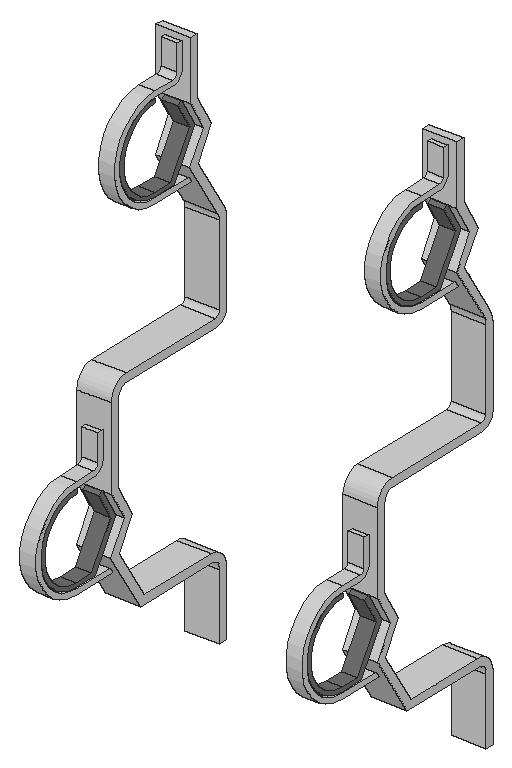
Revit family "VTc.130.N", category Оборудование, Revit 2019
Family settings
  Размер круглого соединителя = Использовать диаметр
  Классификация = Нет
  Тип детали = Нормальный
  На основе рабочей плоскости = Да
  Всегда вертикально = Да
  При загрузке вырезать с полостями = Нет
  Общий = Нет
  Точка расчета площади = Нет
Parameters
  Default Elevation = 1219.2 mm
  Материал_резина [instance] = Резина
  Изготовитель = "VALTEC"
  Группа модели = "Комплектующие для коллекторов"
  ms [instance] = if(and(Du = 20 mm), 197 mm, if(and(Du = 25 mm), 201 mm, 0 mm))  # 197 mm
  h3 [instance] = if(and(Du = 20 mm), 29 mm, if(and(Du = 25 mm), 34 mm, 0 mm))  # 29 mm
  h2 [instance] = if(and(Du = 20 mm), 0 mm, if(and(Du = 25 mm), 5 mm, 0 mm))  # 0 mm
  h1 [instance] = if(and(Du = 20 mm), 66 mm, if(and(Du = 25 mm), 71 mm, 0 mm))  # 66 mm
  URL = "https://valtec.ru/"
  L [instance] = 100 mm
  Du [instance] = 20 mm
  ADSK_Позиция [instance] = ""
  ADSK_Обозначение [instance] = "VTc.130.N"  # constant formula
  ADSK_Наименование [instance] = "Кронштейны для крепления пары коллекторов"  # constant formula
  ADSK_Материал [instance] = Нержавеющая сталь
  ADSK_Масса [instance] = ms / 1000 mm  # 0.197
  ADSK_Код изделия [instance] = if(and(Du = 20 mm), "VTc.130.N.0500", if(and(Du = 25 mm), "VTc.130.N.0600", "ошибка"))  # "VTc.130.N.0500"
  ADSK_Завод-изготовитель [instance] = Изготовитель  # "VALTEC"
  ADSK_Единица измерения [instance] = "шт."  # constant formula
  ADSK_URL страницы изделия [instance] = "https://valtec.ru/catalog/kollektornye_sistemy/komplektuyuschie_dlya_kollektorov/kronshtejny_dlya_kollektorov_vtc130n.html"
  ADSK_URL документации изделия [instance] = "https://valtec.ru/document/technical/VTc.130-0916.pdf"
Reference planes
  plane 1 "По центру (Вперед/Назад)": y = 0
  plane 2: z = 0
  plane 3 "По центру (Влево/Вправо)": x = 0
  plane 4: x = -43.5
  plane 5: x = -56.5
  plane 6: x = 43.5
  plane 7: x = 56.5
  plane 8: x = -50
  plane 9: x = 50
  plane 10: x = -53
  plane 11: x = -47
  plane 12: x = 47
  plane 13: x = 53
Forms (mm)
  Extrusion 1, solid, material "Нержавеющая сталь" <- "ADSK_Материал"
    sketch origin (0, 0, 0) x (0, 1, 0) y (0, 0, 1)
      loop
        line (-13.614, 105) -> (-16.614, 105) -> (-16.614, 82.655) -> (-10.577, 72.198) -> (-16.891, 61.262) -> (-3.734, 40.207)
        arc (-3.734, 40.207) -> (-3.187, 38.978) -> (-3, 37.647) r 4.831
        line (-3, 37.647) -> (-3, 7.401)
        arc (-3, 7.401) -> (-3.586, 5.987) -> (-5, 5.401) r 2
        line (-5, 5.401) -> (-46.808, 5.401)
        arc (-46.808, 5.401) -> (-51.758, 3.351) -> (-53.808, -1.599) r 7
        line (-53.808, -1.599) -> (-53.808, -32.397) -> (-47.695, -42.985) -> (-54, -53.905) -> (-40.193, -76) -> (-7, -76)
        arc (-7, -76) -> (-4.172, -77.172) -> (-3, -80) r 4
        line (-3, -80) -> (-3, -105) -> (0, -105) -> (0, -80)
        arc (0, -80) -> (-2.05, -75.05) -> (-7, -73) r 7
        line (-7, -73) -> (-38.531, -73) -> (-50.501, -53.844) -> (-44.231, -42.985) -> (-50.808, -31.593) -> (-50.808, -1.599)
        arc (-50.808, -1.599) -> (-49.636, 1.229) -> (-46.808, 2.401) r 4
        line (-46.808, 2.401) -> (-5, 2.401)
        arc (-5, 2.401) -> (-1.464, 3.865) -> (0, 7.401) r 5
        line (0, 7.401) -> (0, 37.027)
        arc (0, 37.027) -> (-0.383, 39.767) -> (-1.503, 42.298) r 9.992
        line (-1.503, 42.298) -> (-13.315, 61.2) -> (-7.039, 72.07) -> (-13.614, 83.458) -> (-13.614, 105)
    from -56.5 to -43.5
  Extrusion 2, solid, material "Нержавеющая сталь" <- "ADSK_Материал"
    sketch origin (0, 0, 0) x (0, 1, 0) y (0, 0, 1)
      loop
        line (-43.046, -62) -> (-44.295, -60) -> (-66, -60)
        arc (-66, -60) -> (-83, -43) -> (-66, -26) r 17
        line (-66, -26) -> (-57.808, -26)
        arc (-57.808, -26) -> (-54.979, -24.828) -> (-53.808, -22) r 4
        line (-53.808, -22) -> (-53.808, -12) -> (-55.808, -12) -> (-55.808, -22)
        arc (-55.808, -22) -> (-56.394, -23.414) -> (-57.808, -24) r 2
        line (-57.808, -24) -> (-66, -24)
        arc (-66, -24) -> (-85, -43) -> (-66, -62) r 19
        line (-66, -62) -> (-43.046, -62)
      loop
        arc (-29, 91.198) -> (-48, 72.198) -> (-29, 53.198) r 19
        line (-29, 53.198) -> (-5.956, 53.198) -> (-7.206, 55.198) -> (-29, 55.198)
        arc (-29, 55.198) -> (-46, 72.198) -> (-29, 89.198) r 17
        line (-29, 89.198) -> (-20.614, 89.198)
        arc (-20.614, 89.198) -> (-17.786, 90.369) -> (-16.614, 93.198) r 4
        line (-16.614, 93.198) -> (-16.614, 102.841) -> (-18.614, 102.841) -> (-18.614, 93.198)
        arc (-18.614, 93.198) -> (-19.2, 91.784) -> (-20.614, 91.198) r 2
        line (-20.614, 91.198) -> (-29, 91.198)
    from -53 to -47
  Extrusion 3, solid, material "Резина" <- "Материал_резина"
    sketch origin (0, 0, 0) x (0, 1, 0) y (0, 0, 1)
      loop
        line (-16.614, 82.655) -> (-18.346, 81.655) -> (-12.887, 72.198) -> (-21.546, 57.2) -> (-29, 57.2)
        arc (-29, 57.2) -> (-44, 72.2) -> (-29, 87.2) r 15
        line (-29, 87.2) -> (-29, 88.7)
        arc (-29, 88.7) -> (-45.5, 72.2) -> (-29, 55.7) r 16.5
        line (-29, 55.7) -> (-20.102, 55.7) -> (-10.577, 72.198) -> (-16.614, 82.655)
      loop
        line (-53.808, -32.397) -> (-55.54, -33.397) -> (-50.005, -42.985) -> (-58.674, -58) -> (-66, -58)
        arc (-66, -58) -> (-81, -43) -> (-66, -28) r 15
        line (-66, -28) -> (-66, -26.5)
        arc (-66, -26.5) -> (-82.5, -43) -> (-66, -59.5) r 16.5
        line (-66, -59.5) -> (-57.23, -59.5) -> (-47.695, -42.985) -> (-53.808, -32.397)
    from -53 to -47
  Extrusion 4, solid, material "Нержавеющая сталь" <- "ADSK_Материал"
    sketch origin (118.5, 0, 0) x (0, 1, 0) y (0, 0, 1)
      loop
        line (-13.614, 105) -> (-16.614, 105) -> (-16.614, 82.655) -> (-10.577, 72.198) -> (-16.891, 61.262) -> (-3.734, 40.207)
        arc (-3.734, 40.207) -> (-3.187, 38.978) -> (-3, 37.647) r 4.831
        line (-3, 37.647) -> (-3, 7.401)
        arc (-3, 7.401) -> (-3.586, 5.987) -> (-5, 5.401) r 2
        line (-5, 5.401) -> (-46.808, 5.401)
        arc (-46.808, 5.401) -> (-51.758, 3.351) -> (-53.808, -1.599) r 7
        line (-53.808, -1.599) -> (-53.808, -32.397) -> (-47.695, -42.985) -> (-54, -53.905) -> (-40.193, -76) -> (-7, -76)
        arc (-7, -76) -> (-4.172, -77.172) -> (-3, -80) r 4
        line (-3, -80) -> (-3, -105) -> (0, -105) -> (0, -80)
        arc (0, -80) -> (-2.05, -75.05) -> (-7, -73) r 7
        line (-7, -73) -> (-38.531, -73) -> (-50.501, -53.844) -> (-44.231, -42.985) -> (-50.808, -31.593) -> (-50.808, -1.599)
        arc (-50.808, -1.599) -> (-49.636, 1.229) -> (-46.808, 2.401) r 4
        line (-46.808, 2.401) -> (-5, 2.401)
        arc (-5, 2.401) -> (-1.464, 3.865) -> (0, 7.401) r 5
        line (0, 7.401) -> (0, 37.027)
        arc (0, 37.027) -> (-0.383, 39.767) -> (-1.503, 42.298) r 9.992
        line (-1.503, 42.298) -> (-13.315, 61.2) -> (-7.039, 72.07) -> (-13.614, 83.458) -> (-13.614, 105)
    from -75 to -62
  Extrusion 5, solid, material "Резина" <- "Материал_резина"
    sketch origin (100, 0, 0) x (0, 1, 0) y (0, 0, 1)
      loop
        line (-16.614, 82.655) -> (-18.346, 81.655) -> (-12.887, 72.198) -> (-21.546, 57.2) -> (-29, 57.2)
        arc (-29, 57.2) -> (-44, 72.2) -> (-29, 87.2) r 15
        line (-29, 87.2) -> (-29, 88.7)
        arc (-29, 88.7) -> (-45.5, 72.2) -> (-29, 55.7) r 16.5
        line (-29, 55.7) -> (-20.102, 55.7) -> (-10.577, 72.198) -> (-16.614, 82.655)
      loop
        line (-53.808, -32.397) -> (-55.54, -33.397) -> (-50.005, -42.985) -> (-58.674, -58) -> (-66, -58)
        arc (-66, -58) -> (-81, -43) -> (-66, -28) r 15
        line (-66, -28) -> (-66, -26.5)
        arc (-66, -26.5) -> (-82.5, -43) -> (-66, -59.5) r 16.5
        line (-66, -59.5) -> (-57.23, -59.5) -> (-47.695, -42.985) -> (-53.808, -32.397)
    from -53 to -47
  Extrusion 6, solid, material "Нержавеющая сталь" <- "ADSK_Материал"
    sketch origin (115, 0, 0) x (0, 1, 0) y (0, 0, 1)
      loop
        line (-43.046, -62) -> (-44.295, -60) -> (-66, -60)
        arc (-66, -60) -> (-83, -43) -> (-66, -26) r 17
        line (-66, -26) -> (-57.808, -26)
        arc (-57.808, -26) -> (-54.979, -24.828) -> (-53.808, -22) r 4
        line (-53.808, -22) -> (-53.808, -12) -> (-55.808, -12) -> (-55.808, -22.518)
        arc (-55.808, -22.518) -> (-56.242, -23.566) -> (-57.29, -24) r 1.482
        line (-57.29, -24) -> (-66, -24)
        arc (-66, -24) -> (-85, -43) -> (-66, -62) r 19
        line (-66, -62) -> (-43.046, -62)
      loop
        arc (-29, 91.198) -> (-48, 72.198) -> (-29, 53.198) r 19
        line (-29, 53.198) -> (-5.956, 53.198) -> (-7.206, 55.198) -> (-29, 55.198)
        arc (-29, 55.198) -> (-46, 72.198) -> (-29, 89.198) r 17
        line (-29, 89.198) -> (-20.614, 89.198)
        arc (-20.614, 89.198) -> (-17.786, 90.369) -> (-16.614, 93.198) r 4
        line (-16.614, 93.198) -> (-16.614, 102.841) -> (-18.614, 102.841) -> (-18.614, 92.797)
        arc (-18.614, 92.797) -> (-19.083, 91.666) -> (-20.213, 91.198) r 1.599
        line (-20.213, 91.198) -> (-29, 91.198)
    from -68 to -62
Dimensions and locks
  equal spacing: Extrusion 1 sketch curve, level, Extrusion 1 sketch curve, locked at 105 each
  locked: Extrusion 1 sketch curve to Extrusion 1 sketch curve at 210
  locked: Extrusion 1 sketch curve to Extrusion 1 sketch curve at 3  (x10)
  locked: plane 1 "По центру (Вперед/Назад)" to Extrusion 1 sketch curve at 3
  locked: Extrusion 1 sketch curve to Extrusion 1 sketch curve at 32
  locked: Extrusion 1 sketch curve to Extrusion 1 sketch curve at 62.015
  Extrusion 1 sketch curve to Extrusion 1 sketch curve = 45.385 mm
  locked: Extrusion 1 sketch curve to Extrusion 1 sketch curve at 3.128
  equal spacing: Extrusion 1 sketch curve, level, Extrusion 1 sketch curve
  locked: Extrusion 1 sketch curve to Extrusion 1 sketch curve at 21.542
  Extrusion 1 sketch curve to Extrusion 1 sketch curve = 32.93 mm
  locked: plane 1 "По центру (Вперед/Назад)" to Extrusion 1 sketch curve at 13.614
  locked: Extrusion 1 sketch curve to Extrusion 1 sketch curve at 39.897
  locked: plane 1 "По центру (Вперед/Назад)" to Extrusion 1 sketch curve at 53.808
  locked: Extrusion 1 sketch curve to Extrusion 1 sketch curve at 38.531
  locked: plane 4 to plane 5 at 13
  locked: plane 7 to plane 6 at 13
  equal spacing: plane 4, plane 8, plane 5, locked at 6.5 each
  equal spacing: plane 7, plane 9, plane 6, locked at 6.5 each
  equal spacing: plane 9, plane 3 "По центру (Влево/Вправо)", plane 8
  "L": plane 8 to plane 9
  locked: level to Extrusion 2 sketch curve at 43
  locked: Extrusion 2 sketch curve to Extrusion 2 sketch curve at 38
  "h1": plane 1 "По центру (Вперед/Назад)" to Extrusion 2 sketch curve
  locked: Extrusion 2 sketch curve to Extrusion 2 sketch curve at 2  (x5)
  Extrusion 2 sketch curve to Extrusion 2 sketch curve = 2 mm
  locked: Extrusion 2 sketch curve to Extrusion 1 at 2
  "h2": Extrusion 1 to Extrusion 2 sketch curve  (x2)
  locked: Extrusion 2 sketch curve to Extrusion 2 sketch curve at 14
  locked: Extrusion 2 sketch curve to level at 72.198
  "h3": plane 1 "По центру (Вперед/Назад)" to Extrusion 2 sketch curve
  locked: Extrusion 1 to Extrusion 2 sketch curve at 2
  "h3": plane 1 "По центру (Вперед/Назад)" to Extrusion 3 sketch curve
  locked: Extrusion 3 sketch curve to level at 72.2
  Extrusion 1 to Extrusion 3 sketch curve = 2 mm  (x2)
  Extrusion 3 sketch curve to Extrusion 1 = 2 mm  (x2)
  Extrusion 3 sketch curve to Extrusion 3 sketch curve = 1.5 mm
  locked: level to Extrusion 3 sketch curve at 43
  "h1": plane 1 "По центру (Вперед/Назад)" to Extrusion 3 sketch curve
  equal spacing: plane 11, plane 8, plane 10
  locked: plane 11 to plane 10 at 6
  Extrusion 4 sketch curve to Extrusion 4 sketch curve = 210 mm
  locked: Extrusion 4 sketch curve to Extrusion 4 sketch curve at 210
  locked: Extrusion 4 sketch curve to Extrusion 4 sketch curve at 3  (x10)
  locked: Extrusion 4 sketch curve to Extrusion 4 sketch curve at 32
  locked: Extrusion 4 sketch curve to Extrusion 4 sketch curve at 62.015
  Extrusion 4 sketch curve to Extrusion 4 sketch curve = 45.385 mm
  locked: Extrusion 4 sketch curve to Extrusion 4 sketch curve at 3.128
  Extrusion 4 sketch curve to Extrusion 4 sketch curve = 115.054 mm
  locked: Extrusion 4 sketch curve to Extrusion 4 sketch curve at 21.542
  Extrusion 4 sketch curve to Extrusion 4 sketch curve = 32.93 mm
  locked: Extrusion 4 sketch curve to Extrusion 4 sketch curve at 39.897
  locked: Extrusion 4 sketch curve to Extrusion 4 sketch curve at 38.531
  Extrusion 5 sketch curve to Extrusion 5 sketch curve = 1.5 mm
  equal spacing: plane 13, plane 9, plane 12
  locked: plane 13 to plane 12 at 6
  locked: Extrusion 6 sketch curve to Extrusion 6 sketch curve at 38
  locked: Extrusion 6 sketch curve to Extrusion 6 sketch curve at 2  (x6)
  locked: Extrusion 6 sketch curve to Extrusion 6 sketch curve at 14
  "h3": plane 1 "По центру (Вперед/Назад)" to Extrusion 6 sketch curve
  "h1": plane 1 "По центру (Вперед/Назад)" to Extrusion 6 sketch curve
  locked: level to Extrusion 6 sketch curve at 43
  locked: Extrusion 6 sketch curve to level at 72.198
  Extrusion 2 to Extrusion 6 sketch curve = 13.643 mm
  Extrusion 2 sketch curve to Extrusion 2 sketch curve = 13.643 mm
  "h2": Extrusion 4 to Extrusion 6 sketch curve
  "h2": Extrusion 2 to Extrusion 6 sketch curve
  locked: Extrusion 5 sketch curve to level at 72.2
  locked: level to Extrusion 5 sketch curve at 43
  "h3": plane 1 "По центру (Вперед/Назад)" to Extrusion 5 sketch curve
  "h1": plane 1 "По центру (Вперед/Назад)" to Extrusion 5 sketch curve
  Extrusion 1 to Extrusion 5 sketch curve = 2 mm  (x2)
  locked: Extrusion 5 sketch curve to Extrusion 1 at 2
  Extrusion 5 sketch curve to Extrusion 3 = 2 mm
  radius of Extrusion 1 sketch curve = 5 mm
  radius of Extrusion 1 sketch curve = 2 mm
  diameter of Extrusion 2 sketch curve = 38 mm  (x2)
  diameter of Extrusion 2 sketch curve = 34 mm  (x2)
  diameter of Extrusion 3 sketch curve = 33 mm  (x2)
  diameter of Extrusion 3 sketch curve = 30 mm  (x2)
  radius of Extrusion 2 sketch curve = 4 mm  (x2)
  radius of Extrusion 2 sketch curve = 2 mm  (x2)
  radius of Extrusion 4 sketch curve = 5 mm
  radius of Extrusion 4 sketch curve = 2 mm
  diameter of Extrusion 5 sketch curve = 33 mm  (x2)
  diameter of Extrusion 5 sketch curve = 30 mm  (x2)
  diameter of Extrusion 6 sketch curve = 38 mm  (x2)
  diameter of Extrusion 6 sketch curve = 34 mm  (x2)
  radius of Extrusion 6 sketch curve = 4 mm  (x2)
  radius of Extrusion 6 sketch curve = 1.599 mm
  radius of Extrusion 6 sketch curve = 1.482 mm
  locked: Extrusion 1 sketch curve to Extrusion 1 sketch curve (angle 120.00°)  (x2)
  locked: Extrusion 1 sketch curve to Extrusion 1 sketch curve (angle 62.00°)  (x2)
  locked: Extrusion 1 sketch curve to Extrusion 1 sketch curve (angle 150.00°)
  angle Extrusion 1 sketch curve to Extrusion 1 sketch curve = 32.00°
  locked: Extrusion 4 sketch curve to Extrusion 4 sketch curve (angle 120.00°)  (x2)
  locked: Extrusion 4 sketch curve to Extrusion 4 sketch curve (angle 62.00°)  (x2)
  locked: Extrusion 4 sketch curve to Extrusion 4 sketch curve (angle 150.00°)
  angle Extrusion 4 sketch curve to Extrusion 4 sketch curve = 32.00°
  aligned and locked: level to plane 2
  aligned and locked: Extrusion 1 sketch curve to plane 1 "По центру (Вперед/Назад)"  (x2)
  aligned and locked: Extrusion 1 to plane 5
  aligned and locked: plane 4 to Extrusion 1
  aligned and locked: Extrusion 3 sketch curve to Extrusion 1  (x4)
  aligned and locked: Extrusion 3 sketch curve to Extrusion 3 sketch curve  (x2)
  aligned and locked: Extrusion 2 to plane 11
  aligned and locked: Extrusion 2 to plane 10
  aligned and locked: Extrusion 2 to Extrusion 3  (x2)
  aligned and locked: Extrusion 4 to plane 6
  aligned and locked: plane 7 to Extrusion 4
  aligned and locked: Extrusion 5 sketch curve to Extrusion 5 sketch curve  (x2)
  aligned and locked: Extrusion 5 to plane 12
  aligned and locked: plane 13 to Extrusion 5
  aligned and locked: Extrusion 6 to Extrusion 5  (x2)
  aligned and locked: Extrusion 5 sketch curve to Extrusion 1  (x4)
Automatic sketch dimensions
  Extrusion 1 sketch curve to Extrusion 1 sketch curve = 0 mm  (x4)
  Extrusion 1 sketch curve to Extrusion 1 sketch curve = 0.192 mm
  Extrusion 1 sketch curve to level = 53.844 mm
  Extrusion 1 sketch curve to level = 1.599 mm
  plane 1 "По центру (Вперед/Назад)" to Extrusion 1 sketch curve = 16.891 mm
  plane 1 "По центру (Вперед/Назад)" to Extrusion 1 sketch curve = 10.577 mm
  Extrusion 1 sketch curve to Extrusion 1 sketch curve = 6.992 mm
  Extrusion 1 sketch curve to Extrusion 1 sketch curve = 2.161 mm
  Extrusion 1 sketch curve to Extrusion 1 sketch curve = 4 mm
  Extrusion 1 sketch curve to Extrusion 1 sketch curve = 0.734 mm
  Extrusion 4 sketch curve to Extrusion 4 sketch curve = 0 mm  (x6)
  Extrusion 4 sketch curve to plane 1 "По центру (Вперед/Назад)" = 0 mm  (x2)
  Extrusion 4 sketch curve to Extrusion 4 sketch curve = 1.663 mm
  Extrusion 4 sketch curve to Extrusion 4 sketch curve = 5.701 mm
  level to Extrusion 4 sketch curve = 2.401 mm
  Extrusion 4 sketch curve to Extrusion 4 sketch curve = 41.808 mm
  Extrusion 4 sketch curve to level = 1.599 mm
  plane 1 "По центру (Вперед/Назад)" to Extrusion 4 sketch curve = 16.891 mm
  plane 1 "По центру (Вперед/Назад)" to Extrusion 4 sketch curve = 16.614 mm
  plane 1 "По центру (Вперед/Назад)" to Extrusion 4 sketch curve = 10.577 mm
  Extrusion 4 sketch curve to Extrusion 4 sketch curve = 6.992 mm
  Extrusion 4 sketch curve to Extrusion 4 sketch curve = 2.161 mm
  Extrusion 4 sketch curve to Extrusion 4 sketch curve = 4 mm
  Extrusion 4 sketch curve to Extrusion 4 sketch curve = 0.734 mm
  Extrusion 2 sketch curve to Extrusion 2 sketch curve = 0 mm  (x2)
  Extrusion 3 sketch curve to Extrusion 3 sketch curve = 0 mm
  Extrusion 3 sketch curve to level = 33.397 mm
  Extrusion 3 sketch curve to Extrusion 3 sketch curve = 5.46 mm
  Extrusion 5 sketch curve to Extrusion 5 sketch curve = 0 mm
  Extrusion 5 sketch curve to Extrusion 5 sketch curve = 5.535 mm
  Extrusion 5 sketch curve to Extrusion 5 sketch curve = 5.46 mm
  Extrusion 6 sketch curve to Extrusion 6 sketch curve = 0 mm  (x2)
  Extrusion 6 sketch curve to Extrusion 6 sketch curve = 21.705 mm
  Extrusion 6 sketch curve to Extrusion 6 sketch curve = 1.25 mm  (x2)
  plane 1 "По центру (Вперед/Назад)" to Extrusion 6 sketch curve = 7.206 mm
  Extrusion 6 sketch curve to Extrusion 6 sketch curve = 9.643 mm
